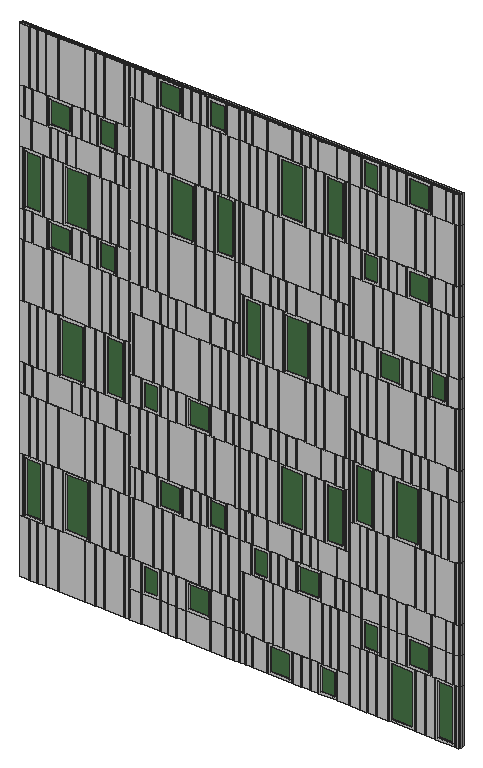
Revit family "SUR-CRV-021_FRANGIA_RFA", category Modelos genéricos, Revit 2022 (continued)
Definition of nested family "SUR-CRV-021_C_RFA"
  Forms (in)
    Extrusion 3, solid, not visible
      sketch origin (0, 0, 0) x (1, 0, 0) y (0, 1, 0)
        loop
          line (18.75515, -0.94488) -> (18.87326, -1.06299) -> (22.88782, -1.06299) -> (23.00593, -0.94488) -> (18.75515, -0.94488)
        loop
          line (23.16341, -0.94488) -> (23.28152, -1.06299) -> (23.80315, -1.06299) -> (23.92126, -0.94488) -> (23.16341, -0.94488)
      from 0 to 12
    Extrusion 4, solid, not visible
      sketch origin (0, 0, 0) x (1, 0, 0) y (0, 1, 0)
        loop
          line (0, -0.47244) -> (24, -0.47244) -> (24, 0) -> (0, 0) -> (0, -0.47244)
      from 0 to 6
    Extrusion 5, solid, not visible
      sketch origin (0, -0.47244, 0) x (1, 0, 0) y (0, 1, 0)
        loop
          line (0, 0) -> (0, -0.3937) -> (0.07874, -0.47244) -> (1.21337, -0.47244) -> (1.29211, -0.3937) -> (1.37085, -0.47244) -> (2.8643, -0.47244) -> (2.94304, -0.3937) -> (3.02178, -0.47244) -> (6.09092, -0.47244) -> (6.16966, -0.3937) -> (6.2484, -0.47244) -> (11.49201, -0.47244) -> (11.57075, -0.3937) -> (11.64949, -0.47244) -> (13.52618, -0.47244) -> (13.60492, -0.3937) -> (13.68366, -0.47244) -> (15.42007, -0.47244) -> (15.49881, -0.3937) -> (15.57755, -0.47244) -> (17.10352, -0.47244) -> (17.18226, -0.3937) -> (17.261, -0.47244) -> (21.24201, -0.47244) -> (21.32075, -0.3937) -> (21.39949, -0.47244) -> (23.92126, -0.47244) -> (24, -0.3937) -> (24, 0) -> (0, 0)
      from 0 to 6
    Extrusion 6, solid, not visible
      sketch origin (0, 0, 0) x (1, 0, 0) y (0, 1, 0)
        loop
          line (0.07874, -0.94488) -> (0.19685, -1.06299) -> (1.09526, -1.06299) -> (1.21337, -0.94488) -> (0.07874, -0.94488)
        loop
          line (1.37085, -0.94488) -> (1.48896, -1.06299) -> (2.74619, -1.06299) -> (2.8643, -0.94488) -> (1.37085, -0.94488)
        loop
          line (3.02178, -0.94488) -> (3.13989, -1.06299) -> (5.97281, -1.06299) -> (6.09092, -0.94488) -> (3.02178, -0.94488)
        loop
          line (6.2484, -0.94488) -> (6.36651, -1.06299) -> (11.3739, -1.06299) -> (11.49201, -0.94488) -> (6.2484, -0.94488)
        loop
          line (11.64949, -0.94488) -> (11.7676, -1.06299) -> (13.40807, -1.06299) -> (13.52618, -0.94488) -> (11.64949, -0.94488)
        loop
          line (13.68366, -0.94488) -> (13.80177, -1.06299) -> (15.30196, -1.06299) -> (15.42007, -0.94488) -> (13.68366, -0.94488)
        loop
          line (15.69566, -1.06299) -> (16.98541, -1.06299) -> (17.10352, -0.94488) -> (15.57755, -0.94488) -> (15.69566, -1.06299)
        loop
          line (17.261, -0.94488) -> (17.37911, -1.06299) -> (21.1239, -1.06299) -> (21.24201, -0.94488) -> (17.261, -0.94488)
        loop
          line (21.5176, -1.06299) -> (23.80315, -1.06299) -> (23.92126, -0.94488) -> (21.39949, -0.94488) -> (21.5176, -1.06299)
      from 0 to 6
    Extrusion 7, solid
      sketch origin (-0.19685, 0, 0) x (1, 0, 0) y (0, 1, 0)
        loop
          line (0, -0.47244) -> (24, -0.47244) -> (24, 0) -> (0, 0) -> (0, -0.47244)
      from 0 to 12
    Extrusion 8, solid
      sketch origin (-0.19685, -0.47244, 0) x (1, 0, 0) y (0, 1, 0)
        loop
          line (0, 0) -> (0, -0.3937) -> (0.07874, -0.47244) -> (2.25414, -0.47244) -> (2.33288, -0.3937) -> (2.41162, -0.47244) -> (3.93759, -0.47244) -> (4.01633, -0.3937) -> (4.09507, -0.47244) -> (5.83148, -0.47244) -> (5.91022, -0.3937) -> (5.98896, -0.47244) -> (8.49695, -0.47244) -> (8.57569, -0.3937) -> (8.65443, -0.47244) -> (14.31889, -0.47244) -> (14.39763, -0.3937) -> (14.47637, -0.47244) -> (16.5635, -0.47244) -> (16.64224, -0.3937) -> (16.72098, -0.47244) -> (18.59767, -0.47244) -> (18.67641, -0.3937) -> (18.75515, -0.47244) -> (23.00593, -0.47244) -> (23.08467, -0.3937) -> (23.16341, -0.47244) -> (23.92126, -0.47244) -> (24, -0.3937) -> (24, 0) -> (0, 0)
      from 0 to 12
    Extrusion 9, solid
      sketch origin (-0.19685, 0, 0) x (1, 0, 0) y (0, 1, 0)
        loop
          line (0.07874, -0.94488) -> (0.19685, -1.06299) -> (2.13603, -1.06299) -> (2.25414, -0.94488) -> (0.07874, -0.94488)
        loop
          line (2.41162, -0.94488) -> (2.52973, -1.06299) -> (3.81948, -1.06299) -> (3.93759, -0.94488) -> (2.41162, -0.94488)
        loop
          line (4.09507, -0.94488) -> (4.21318, -1.06299) -> (5.71337, -1.06299) -> (5.83148, -0.94488) -> (4.09507, -0.94488)
        loop
          line (5.98896, -0.94488) -> (6.10707, -1.06299) -> (8.37884, -1.06299) -> (8.49695, -0.94488) -> (5.98896, -0.94488)
        loop
          line (14.47637, -0.94488) -> (14.59448, -1.06299) -> (16.44539, -1.06299) -> (16.5635, -0.94488) -> (14.47637, -0.94488)
        loop
          line (16.72098, -0.94488) -> (16.83909, -1.06299) -> (18.47956, -1.06299) -> (18.59767, -0.94488) -> (16.72098, -0.94488)
        loop
          line (23.16341, -0.94488) -> (23.28152, -1.06299) -> (23.80315, -1.06299) -> (23.92126, -0.94488) -> (23.16341, -0.94488)
      from 0 to 12
    Extrusion 10, solid
      sketch origin (-0.19685, 0, 0) x (1, 0, 0) y (0, 1, 0)
        loop
          line (8.65443, -0.94488) -> (8.77254, -1.06299) -> (14.20078, -1.06299) -> (14.31889, -0.94488) -> (8.65443, -0.94488)
        loop
          line (18.75515, -0.94488) -> (18.87326, -1.06299) -> (22.88782, -1.06299) -> (23.00593, -0.94488) -> (18.75515, -0.94488)
      from 0 to 12
    Extrusion 11, void
      sketch origin (-0.19685, 0, 0) x (1, 0, 0) y (0, 0, 1)
        loop
          line (9.15443, 11.5) -> (9.15443, 0.5) -> (13.81889, 0.5) -> (13.81889, 11.5) -> (9.15443, 11.5)
        loop
          line (19.25515, 0.5) -> (22.50593, 0.5) -> (22.50593, 11.5) -> (19.25515, 11.5) -> (19.25515, 0.5)
      from 0.47244 to 1.06299
    Extrusion 12, solid
      sketch origin (-0.19685, 0, 0) x (1, 0, 0) y (0, 1, 0)
        loop
          line (9.15443, -0.47244) -> (9.15443, -0.94488) -> (13.81889, -0.94488) -> (13.81889, -0.47244) -> (9.15443, -0.47244)
        loop
          line (19.25515, -0.47244) -> (19.25515, -0.94488) -> (22.50593, -0.94488) -> (22.50593, -0.47244) -> (19.25515, -0.47244)
      from 0.5 to 11.5
    Extrusion 13, solid, not visible
      sketch origin (0, 0, 0) x (1, 0, 0) y (0, 1, 0)
        loop
          line (0, -0.47244) -> (24, -0.47244) -> (24, 0) -> (0, 0) -> (0, -0.47244)
      from 0 to 12
    Extrusion 14, solid, not visible
      sketch origin (0, -0.47244, 0) x (1, 0, 0) y (0, 1, 0)
        loop
          line (0, 0) -> (0, -0.3937) -> (0.07874, -0.47244) -> (2.25414, -0.47244) -> (2.33288, -0.3937) -> (2.41162, -0.47244) -> (3.93759, -0.47244) -> (4.01633, -0.3937) -> (4.09507, -0.47244) -> (5.83148, -0.47244) -> (5.91022, -0.3937) -> (5.98896, -0.47244) -> (8.49695, -0.47244) -> (8.57569, -0.3937) -> (8.65443, -0.47244) -> (14.31889, -0.47244) -> (14.39763, -0.3937) -> (14.47637, -0.47244) -> (16.5635, -0.47244) -> (16.64224, -0.3937) -> (16.72098, -0.47244) -> (18.59767, -0.47244) -> (18.67641, -0.3937) -> (18.75515, -0.47244) -> (23.00593, -0.47244) -> (23.08467, -0.3937) -> (23.16341, -0.47244) -> (23.92126, -0.47244) -> (24, -0.3937) -> (24, 0) -> (0, 0)
      from 0 to 12
    Extrusion 15, solid, not visible
      sketch origin (0, 0, 0) x (1, 0, 0) y (0, 1, 0)
        loop
          line (0.07874, -0.94488) -> (0.19685, -1.06299) -> (2.13603, -1.06299) -> (2.25414, -0.94488) -> (0.07874, -0.94488)
        loop
          line (2.41162, -0.94488) -> (2.52973, -1.06299) -> (3.81948, -1.06299) -> (3.93759, -0.94488) -> (2.41162, -0.94488)
        loop
          line (4.09507, -0.94488) -> (4.21318, -1.06299) -> (5.71337, -1.06299) -> (5.83148, -0.94488) -> (4.09507, -0.94488)
        loop
          line (5.98896, -0.94488) -> (6.10707, -1.06299) -> (8.37884, -1.06299) -> (8.49695, -0.94488) -> (5.98896, -0.94488)
        loop
          line (14.47637, -0.94488) -> (14.59448, -1.06299) -> (16.44539, -1.06299) -> (16.5635, -0.94488) -> (14.47637, -0.94488)
        loop
          line (16.72098, -0.94488) -> (16.83909, -1.06299) -> (18.47956, -1.06299) -> (18.59767, -0.94488) -> (16.72098, -0.94488)
        loop
          line (23.16341, -0.94488) -> (23.28152, -1.06299) -> (23.80315, -1.06299) -> (23.92126, -0.94488) -> (23.16341, -0.94488)
      from 0 to 12
    Extrusion 16, solid, not visible
      sketch origin (0, 0, 0) x (1, 0, 0) y (0, 1, 0)
        loop
          line (8.65443, -0.94488) -> (8.77254, -1.06299) -> (14.20078, -1.06299) -> (14.31889, -0.94488) -> (8.65443, -0.94488)
        loop
          line (18.75515, -0.94488) -> (18.87326, -1.06299) -> (22.88782, -1.06299) -> (23.00593, -0.94488) -> (18.75515, -0.94488)
      from 0 to 12
    Extrusion 17, void, not visible
      sketch origin (0, 0, 0) x (1, 0, 0) y (0, 0, 1)
        loop
          line (9.15443, 11.5) -> (9.15443, 0.5) -> (13.81889, 0.5) -> (13.81889, 11.5) -> (9.15443, 11.5)
        loop
          line (19.25515, 0.5) -> (22.50593, 0.5) -> (22.50593, 11.5) -> (19.25515, 11.5) -> (19.25515, 0.5)
      from 0.47244 to 1.06299
    Extrusion 18, solid, not visible
      sketch origin (0, 0, 0) x (1, 0, 0) y (0, 1, 0)
        loop
          line (9.15443, -0.47244) -> (9.15443, -0.94488) -> (13.81889, -0.94488) -> (13.81889, -0.47244) -> (9.15443, -0.47244)
        loop
          line (19.25515, -0.47244) -> (19.25515, -0.94488) -> (22.50593, -0.94488) -> (22.50593, -0.47244) -> (19.25515, -0.47244)
      from 0.5 to 11.5
    Extrusion 19, solid, not visible
      sketch origin (0, 0, 0) x (1, 0, 0) y (0, 1, 0)
        loop
          line (0, -0.47244) -> (24, -0.47244) -> (24, 0) -> (0, 0) -> (0, -0.47244)
      from 0 to 6
    Extrusion 20, solid, not visible
      sketch origin (0, -0.47244, 0) x (1, 0, 0) y (0, 1, 0)
        loop
          line (0, 0) -> (0, -0.3937) -> (0.07874, -0.47244) -> (1.21337, -0.47244) -> (1.29211, -0.3937) -> (1.37085, -0.47244) -> (2.8643, -0.47244) -> (2.94304, -0.3937) -> (3.02178, -0.47244) -> (6.09092, -0.47244) -> (6.16966, -0.3937) -> (6.2484, -0.47244) -> (11.49201, -0.47244) -> (11.57075, -0.3937) -> (11.64949, -0.47244) -> (13.52618, -0.47244) -> (13.60492, -0.3937) -> (13.68366, -0.47244) -> (15.42007, -0.47244) -> (15.49881, -0.3937) -> (15.57755, -0.47244) -> (17.10352, -0.47244) -> (17.18226, -0.3937) -> (17.261, -0.47244) -> (21.24201, -0.47244) -> (21.32075, -0.3937) -> (21.39949, -0.47244) -> (23.92126, -0.47244) -> (24, -0.3937) -> (24, 0) -> (0, 0)
      from 0 to 6
    Extrusion 21, solid, not visible
      sketch origin (0, 0, 0) x (1, 0, 0) y (0, 1, 0)
        loop
          line (0.07874, -0.94488) -> (0.19685, -1.06299) -> (1.09526, -1.06299) -> (1.21337, -0.94488) -> (0.07874, -0.94488)
        loop
          line (1.37085, -0.94488) -> (1.48896, -1.06299) -> (2.74619, -1.06299) -> (2.8643, -0.94488) -> (1.37085, -0.94488)
        loop
          line (3.02178, -0.94488) -> (3.13989, -1.06299) -> (5.97281, -1.06299) -> (6.09092, -0.94488) -> (3.02178, -0.94488)
        loop
          line (11.64949, -0.94488) -> (11.7676, -1.06299) -> (13.40807, -1.06299) -> (13.52618, -0.94488) -> (11.64949, -0.94488)
        loop
          line (13.68366, -0.94488) -> (13.80177, -1.06299) -> (15.30196, -1.06299) -> (15.42007, -0.94488) -> (13.68366, -0.94488)
        loop
          line (15.69566, -1.06299) -> (16.98541, -1.06299) -> (17.10352, -0.94488) -> (15.57755, -0.94488) -> (15.69566, -1.06299)
        loop
          line (21.5176, -1.06299) -> (23.80315, -1.06299) -> (23.92126, -0.94488) -> (21.39949, -0.94488) -> (21.5176, -1.06299)
      from 0 to 6
    Extrusion 22, solid, not visible
      sketch origin (0, 0, 0) x (1, 0, 0) y (0, 1, 0)
        loop
          line (6.36651, -1.06299) -> (11.3739, -1.06299) -> (11.49201, -0.94488) -> (6.2484, -0.94488) -> (6.36651, -1.06299)
        loop
          line (17.37911, -1.06299) -> (21.1239, -1.06299) -> (21.24201, -0.94488) -> (17.261, -0.94488) -> (17.37911, -1.06299)
      from 0 to 6
    Extrusion 23, void, not visible
      sketch origin (0, 0, 0) x (1, 0, 0) y (0, 0, 1)
        loop
          line (6.7484, 5.5) -> (6.7484, 0.5) -> (10.99201, 0.5) -> (10.99201, 5.5) -> (6.7484, 5.5)
        loop
          line (17.761, 5.5) -> (17.761, 0.5) -> (20.74201, 0.5) -> (20.74201, 5.5) -> (17.761, 5.5)
      from 0.47244 to 1.06299
    Extrusion 24, solid, not visible
      sketch origin (0, 0, 0) x (1, 0, 0) y (0, 1, 0)
        loop
          line (6.7484, -0.47244) -> (6.7484, -0.94488) -> (10.99201, -0.94488) -> (10.99201, -0.47244) -> (6.7484, -0.47244)
        loop
          line (17.761, -0.47244) -> (17.761, -0.94488) -> (20.74201, -0.94488) -> (20.74201, -0.47244) -> (17.761, -0.47244)
      from 0.5 to 5.5
  Cuts and joins
    Extrusion 11 cuts Extrusion 7
    Extrusion 11 cuts Extrusion 8
    Extrusion 11 cuts Extrusion 10
  Dimensions and locks (in)
    aligned and locked: level to plane 2
Definition of nested family "SUR-CRV-021_D_RFA"
  Parameters (values of type "SUR-CRV-021_D_RFA")
    Default Elevation = 0.00"
  Reference planes (in)
    plane 1 "Centro (Frontal/Posterior)": y = 0
    plane 2: z = 0
    plane 3 "Centro (Izquierda/Derecha)": x = 0
  Forms (in)
    Extrusion 1, solid, not visible
      sketch origin (0, 0, 0) x (1, 0, 0) y (0, 1, 0)
        loop
          line (0, -0.47244) -> (24, -0.47244) -> (24, 0) -> (0, 0) -> (0, -0.47244)
      from 0 to 12
    Extrusion 2, solid, not visible
      sketch origin (0, -0.47244, 0) x (1, 0, 0) y (0, 1, 0)
        loop
          line (0, 0) -> (0, -0.3937) -> (0.07874, -0.47244) -> (2.25414, -0.47244) -> (2.33288, -0.3937) -> (2.41162, -0.47244) -> (3.93759, -0.47244) -> (4.01633, -0.3937) -> (4.09507, -0.47244) -> (5.83148, -0.47244) -> (5.91022, -0.3937) -> (5.98896, -0.47244) -> (8.49695, -0.47244) -> (8.57569, -0.3937) -> (8.65443, -0.47244) -> (14.31889, -0.47244) -> (14.39763, -0.3937) -> (14.47637, -0.47244) -> (16.5635, -0.47244) -> (16.64224, -0.3937) -> (16.72098, -0.47244) -> (18.59767, -0.47244) -> (18.67641, -0.3937) -> (18.75515, -0.47244) -> (23.00593, -0.47244) -> (23.08467, -0.3937) -> (23.16341, -0.47244) -> (23.92126, -0.47244) -> (24, -0.3937) -> (24, 0) -> (0, 0)
      from 0 to 12
    Extrusion 3, solid, not visible
      sketch origin (0, 0, 0) x (1, 0, 0) y (0, 1, 0)
        loop
          line (0.07874, -0.94488) -> (0.19685, -1.06299) -> (2.13603, -1.06299) -> (2.25414, -0.94488) -> (0.07874, -0.94488)
        loop
          line (2.41162, -0.94488) -> (2.52973, -1.06299) -> (3.81948, -1.06299) -> (3.93759, -0.94488) -> (2.41162, -0.94488)
        loop
          line (4.09507, -0.94488) -> (4.21318, -1.06299) -> (5.71337, -1.06299) -> (5.83148, -0.94488) -> (4.09507, -0.94488)
        loop
          line (5.98896, -0.94488) -> (6.10707, -1.06299) -> (8.37884, -1.06299) -> (8.49695, -0.94488) -> (5.98896, -0.94488)
        loop
          line (8.65443, -0.94488) -> (8.77254, -1.06299) -> (14.20078, -1.06299) -> (14.31889, -0.94488) -> (8.65443, -0.94488)
        loop
          line (14.47637, -0.94488) -> (14.59448, -1.06299) -> (16.44539, -1.06299) -> (16.5635, -0.94488) -> (14.47637, -0.94488)
        loop
          line (16.72098, -0.94488) -> (16.83909, -1.06299) -> (18.47956, -1.06299) -> (18.59767, -0.94488) -> (16.72098, -0.94488)
        loop
          line (18.75515, -0.94488) -> (18.87326, -1.06299) -> (22.88782, -1.06299) -> (23.00593, -0.94488) -> (18.75515, -0.94488)
        loop
          line (23.16341, -0.94488) -> (23.28152, -1.06299) -> (23.80315, -1.06299) -> (23.92126, -0.94488) -> (23.16341, -0.94488)
      from 0 to 12
    Extrusion 4, solid, not visible
      sketch origin (0, 0, 0) x (1, 0, 0) y (0, 1, 0)
        loop
          line (0, -0.47244) -> (24, -0.47244) -> (24, 0) -> (0, 0) -> (0, -0.47244)
      from 0 to 6
    Extrusion 5, solid, not visible
      sketch origin (0, -0.47244, 0) x (1, 0, 0) y (0, 1, 0)
        loop
          line (0, 0) -> (0, -0.3937) -> (0.07874, -0.47244) -> (1.21337, -0.47244) -> (1.29211, -0.3937) -> (1.37085, -0.47244) -> (2.8643, -0.47244) -> (2.94304, -0.3937) -> (3.02178, -0.47244) -> (6.09092, -0.47244) -> (6.16966, -0.3937) -> (6.2484, -0.47244) -> (11.49201, -0.47244) -> (11.57075, -0.3937) -> (11.64949, -0.47244) -> (13.52618, -0.47244) -> (13.60492, -0.3937) -> (13.68366, -0.47244) -> (15.42007, -0.47244) -> (15.49881, -0.3937) -> (15.57755, -0.47244) -> (17.10352, -0.47244) -> (17.18226, -0.3937) -> (17.261, -0.47244) -> (21.24201, -0.47244) -> (21.32075, -0.3937) -> (21.39949, -0.47244) -> (23.92126, -0.47244) -> (24, -0.3937) -> (24, 0) -> (0, 0)
      from 0 to 6
    Extrusion 6, solid, not visible
      sketch origin (0, 0, 0) x (1, 0, 0) y (0, 1, 0)
        loop
          line (0.07874, -0.94488) -> (0.19685, -1.06299) -> (1.09526, -1.06299) -> (1.21337, -0.94488) -> (0.07874, -0.94488)
        loop
          line (1.37085, -0.94488) -> (1.48896, -1.06299) -> (2.74619, -1.06299) -> (2.8643, -0.94488) -> (1.37085, -0.94488)
        loop
          line (3.02178, -0.94488) -> (3.13989, -1.06299) -> (5.97281, -1.06299) -> (6.09092, -0.94488) -> (3.02178, -0.94488)
        loop
          line (6.2484, -0.94488) -> (6.36651, -1.06299) -> (11.3739, -1.06299) -> (11.49201, -0.94488) -> (6.2484, -0.94488)
        loop
          line (11.64949, -0.94488) -> (11.7676, -1.06299) -> (13.40807, -1.06299) -> (13.52618, -0.94488) -> (11.64949, -0.94488)
        loop
          line (13.68366, -0.94488) -> (13.80177, -1.06299) -> (15.30196, -1.06299) -> (15.42007, -0.94488) -> (13.68366, -0.94488)
        loop
          line (15.69566, -1.06299) -> (16.98541, -1.06299) -> (17.10352, -0.94488) -> (15.57755, -0.94488) -> (15.69566, -1.06299)
        loop
          line (17.261, -0.94488) -> (17.37911, -1.06299) -> (21.1239, -1.06299) -> (21.24201, -0.94488) -> (17.261, -0.94488)
        loop
          line (21.5176, -1.06299) -> (23.80315, -1.06299) -> (23.92126, -0.94488) -> (21.39949, -0.94488) -> (21.5176, -1.06299)
      from 0 to 6
    Extrusion 7, solid, not visible
      sketch origin (0, 0, 0) x (1, 0, 0) y (0, 1, 0)
        loop
          line (0, -0.47244) -> (24, -0.47244) -> (24, 0) -> (0, 0) -> (0, -0.47244)
      from 0 to 12
    Extrusion 8, solid, not visible
      sketch origin (0, -0.47244, 0) x (1, 0, 0) y (0, 1, 0)
        loop
          line (0, 0) -> (0, -0.3937) -> (0.07874, -0.47244) -> (2.25414, -0.47244) -> (2.33288, -0.3937) -> (2.41162, -0.47244) -> (3.93759, -0.47244) -> (4.01633, -0.3937) -> (4.09507, -0.47244) -> (5.83148, -0.47244) -> (5.91022, -0.3937) -> (5.98896, -0.47244) -> (8.49695, -0.47244) -> (8.57569, -0.3937) -> (8.65443, -0.47244) -> (14.31889, -0.47244) -> (14.39763, -0.3937) -> (14.47637, -0.47244) -> (16.5635, -0.47244) -> (16.64224, -0.3937) -> (16.72098, -0.47244) -> (18.59767, -0.47244) -> (18.67641, -0.3937) -> (18.75515, -0.47244) -> (23.00593, -0.47244) -> (23.08467, -0.3937) -> (23.16341, -0.47244) -> (23.92126, -0.47244) -> (24, -0.3937) -> (24, 0) -> (0, 0)
      from 0 to 12
    Extrusion 9, solid, not visible
      sketch origin (0, 0, 0) x (1, 0, 0) y (0, 1, 0)
        loop
          line (0.07874, -0.94488) -> (0.19685, -1.06299) -> (2.13603, -1.06299) -> (2.25414, -0.94488) -> (0.07874, -0.94488)
        loop
          line (2.41162, -0.94488) -> (2.52973, -1.06299) -> (3.81948, -1.06299) -> (3.93759, -0.94488) -> (2.41162, -0.94488)
        loop
          line (4.09507, -0.94488) -> (4.21318, -1.06299) -> (5.71337, -1.06299) -> (5.83148, -0.94488) -> (4.09507, -0.94488)
        loop
          line (5.98896, -0.94488) -> (6.10707, -1.06299) -> (8.37884, -1.06299) -> (8.49695, -0.94488) -> (5.98896, -0.94488)
        loop
          line (14.47637, -0.94488) -> (14.59448, -1.06299) -> (16.44539, -1.06299) -> (16.5635, -0.94488) -> (14.47637, -0.94488)
        loop
          line (16.72098, -0.94488) -> (16.83909, -1.06299) -> (18.47956, -1.06299) -> (18.59767, -0.94488) -> (16.72098, -0.94488)
        loop
          line (23.16341, -0.94488) -> (23.28152, -1.06299) -> (23.80315, -1.06299) -> (23.92126, -0.94488) -> (23.16341, -0.94488)
      from 0 to 12
    Extrusion 10, solid, not visible
      sketch origin (0, 0, 0) x (1, 0, 0) y (0, 1, 0)
        loop
          line (8.65443, -0.94488) -> (8.77254, -1.06299) -> (14.20078, -1.06299) -> (14.31889, -0.94488) -> (8.65443, -0.94488)
        loop
          line (18.75515, -0.94488) -> (18.87326, -1.06299) -> (22.88782, -1.06299) -> (23.00593, -0.94488) -> (18.75515, -0.94488)
      from 0 to 12
    Extrusion 11, void, not visible
      sketch origin (0, 0, 0) x (1, 0, 0) y (0, 0, 1)
        loop
          line (9.15443, 11.5) -> (9.15443, 0.5) -> (13.81889, 0.5) -> (13.81889, 11.5) -> (9.15443, 11.5)
        loop
          line (19.25515, 0.5) -> (22.50593, 0.5) -> (22.50593, 11.5) -> (19.25515, 11.5) -> (19.25515, 0.5)
      from 0.47244 to 1.06299
    Extrusion 12, solid, not visible
      sketch origin (0, 0, 0) x (1, 0, 0) y (0, 1, 0)
        loop
          line (9.15443, -0.47244) -> (9.15443, -0.94488) -> (13.81889, -0.94488) -> (13.81889, -0.47244) -> (9.15443, -0.47244)
        loop
          line (19.25515, -0.47244) -> (19.25515, -0.94488) -> (22.50593, -0.94488) -> (22.50593, -0.47244) -> (19.25515, -0.47244)
      from 0.5 to 11.5
    Extrusion 13, solid
      sketch origin (0, 0, 0) x (1, 0, 0) y (0, 1, 0)
        loop
          line (0, -0.47244) -> (24, -0.47244) -> (24, 0) -> (0, 0) -> (0, -0.47244)
      from 0 to 6
    Extrusion 14, solid
      sketch origin (0, -0.47244, 0) x (1, 0, 0) y (0, 1, 0)
        loop
          line (0, 0) -> (0, -0.3937) -> (0.07874, -0.47244) -> (1.21337, -0.47244) -> (1.29211, -0.3937) -> (1.37085, -0.47244) -> (2.8643, -0.47244) -> (2.94304, -0.3937) -> (3.02178, -0.47244) -> (6.09092, -0.47244) -> (6.16966, -0.3937) -> (6.2484, -0.47244) -> (11.49201, -0.47244) -> (11.57075, -0.3937) -> (11.64949, -0.47244) -> (13.52618, -0.47244) -> (13.60492, -0.3937) -> (13.68366, -0.47244) -> (15.42007, -0.47244) -> (15.49881, -0.3937) -> (15.57755, -0.47244) -> (17.10352, -0.47244) -> (17.18226, -0.3937) -> (17.261, -0.47244) -> (21.24201, -0.47244) -> (21.32075, -0.3937) -> (21.39949, -0.47244) -> (23.92126, -0.47244) -> (24, -0.3937) -> (24, 0) -> (0, 0)
      from 0 to 6
    Extrusion 15, solid
      sketch origin (0, 0, 0) x (1, 0, 0) y (0, 1, 0)
        loop
          line (0.07874, -0.94488) -> (0.19685, -1.06299) -> (1.09526, -1.06299) -> (1.21337, -0.94488) -> (0.07874, -0.94488)
        loop
          line (1.37085, -0.94488) -> (1.48896, -1.06299) -> (2.74619, -1.06299) -> (2.8643, -0.94488) -> (1.37085, -0.94488)
        loop
          line (3.02178, -0.94488) -> (3.13989, -1.06299) -> (5.97281, -1.06299) -> (6.09092, -0.94488) -> (3.02178, -0.94488)
        loop
          line (11.64949, -0.94488) -> (11.7676, -1.06299) -> (13.40807, -1.06299) -> (13.52618, -0.94488) -> (11.64949, -0.94488)
        loop
          line (13.68366, -0.94488) -> (13.80177, -1.06299) -> (15.30196, -1.06299) -> (15.42007, -0.94488) -> (13.68366, -0.94488)
        loop
          line (15.69566, -1.06299) -> (16.98541, -1.06299) -> (17.10352, -0.94488) -> (15.57755, -0.94488) -> (15.69566, -1.06299)
        loop
          line (21.5176, -1.06299) -> (23.80315, -1.06299) -> (23.92126, -0.94488) -> (21.39949, -0.94488) -> (21.5176, -1.06299)
      from 0 to 6
    Extrusion 16, solid
      sketch origin (0, 0, 0) x (1, 0, 0) y (0, 1, 0)
        loop
          line (6.36651, -1.06299) -> (11.3739, -1.06299) -> (11.49201, -0.94488) -> (6.2484, -0.94488) -> (6.36651, -1.06299)
        loop
          line (17.37911, -1.06299) -> (21.1239, -1.06299) -> (21.24201, -0.94488) -> (17.261, -0.94488) -> (17.37911, -1.06299)
      from 0 to 6
    Extrusion 17, void
      sketch origin (0, 0, 0) x (1, 0, 0) y (0, 0, 1)
        loop
          line (6.7484, 5.5) -> (6.7484, 0.5) -> (10.99201, 0.5) -> (10.99201, 5.5) -> (6.7484, 5.5)
        loop
          line (17.761, 5.5) -> (17.761, 0.5) -> (20.74201, 0.5) -> (20.74201, 5.5) -> (17.761, 5.5)
      from 0.47244 to 1.06299
    Extrusion 18, solid
      sketch origin (0, 0, 0) x (1, 0, 0) y (0, 1, 0)
        loop
          line (6.7484, -0.47244) -> (6.7484, -0.94488) -> (10.99201, -0.94488) -> (10.99201, -0.47244) -> (6.7484, -0.47244)
        loop
          line (17.761, -0.47244) -> (17.761, -0.94488) -> (20.74201, -0.94488) -> (20.74201, -0.47244) -> (17.761, -0.47244)
      from 0.5 to 5.5
    Extrusion 19, solid, not visible
      sketch origin (0, 0, 0) x (1, 0, 0) y (0, 1, 0)
        loop
          line (0, -0.47244) -> (24, -0.47244) -> (24, 0) -> (0, 0) -> (0, -0.47244)
      from 0 to 6
    Extrusion 20, solid, not visible
      sketch origin (0, -0.47244, 0) x (1, 0, 0) y (0, 1, 0)
        loop
          line (0, 0) -> (0, -0.3937) -> (0.07874, -0.47244) -> (1.21337, -0.47244) -> (1.29211, -0.3937) -> (1.37085, -0.47244) -> (2.8643, -0.47244) -> (2.94304, -0.3937) -> (3.02178, -0.47244) -> (6.09092, -0.47244) -> (6.16966, -0.3937) -> (6.2484, -0.47244) -> (11.49201, -0.47244) -> (11.57075, -0.3937) -> (11.64949, -0.47244) -> (13.52618, -0.47244) -> (13.60492, -0.3937) -> (13.68366, -0.47244) -> (15.42007, -0.47244) -> (15.49881, -0.3937) -> (15.57755, -0.47244) -> (17.10352, -0.47244) -> (17.18226, -0.3937) -> (17.261, -0.47244) -> (21.24201, -0.47244) -> (21.32075, -0.3937) -> (21.39949, -0.47244) -> (23.92126, -0.47244) -> (24, -0.3937) -> (24, 0) -> (0, 0)
      from 0 to 6
    Extrusion 21, solid, not visible
      sketch origin (0, 0, 0) x (1, 0, 0) y (0, 1, 0)
        loop
          line (0.07874, -0.94488) -> (0.19685, -1.06299) -> (1.09526, -1.06299) -> (1.21337, -0.94488) -> (0.07874, -0.94488)
        loop
          line (1.37085, -0.94488) -> (1.48896, -1.06299) -> (2.74619, -1.06299) -> (2.8643, -0.94488) -> (1.37085, -0.94488)
        loop
          line (3.02178, -0.94488) -> (3.13989, -1.06299) -> (5.97281, -1.06299) -> (6.09092, -0.94488) -> (3.02178, -0.94488)
        loop
          line (11.64949, -0.94488) -> (11.7676, -1.06299) -> (13.40807, -1.06299) -> (13.52618, -0.94488) -> (11.64949, -0.94488)
        loop
          line (13.68366, -0.94488) -> (13.80177, -1.06299) -> (15.30196, -1.06299) -> (15.42007, -0.94488) -> (13.68366, -0.94488)
        loop
          line (15.69566, -1.06299) -> (16.98541, -1.06299) -> (17.10352, -0.94488) -> (15.57755, -0.94488) -> (15.69566, -1.06299)
        loop
          line (21.5176, -1.06299) -> (23.80315, -1.06299) -> (23.92126, -0.94488) -> (21.39949, -0.94488) -> (21.5176, -1.06299)
      from 0 to 6
    Extrusion 22, solid, not visible
      sketch origin (0, 0, 0) x (1, 0, 0) y (0, 1, 0)
        loop
          line (6.36651, -1.06299) -> (11.3739, -1.06299) -> (11.49201, -0.94488) -> (6.2484, -0.94488) -> (6.36651, -1.06299)
        loop
          line (17.37911, -1.06299) -> (21.1239, -1.06299) -> (21.24201, -0.94488) -> (17.261, -0.94488) -> (17.37911, -1.06299)
      from 0 to 6
    Extrusion 23, void, not visible
      sketch origin (0, 0, 0) x (1, 0, 0) y (0, 0, 1)
        loop
          line (6.7484, 5.5) -> (6.7484, 0.5) -> (10.99201, 0.5) -> (10.99201, 5.5) -> (6.7484, 5.5)
        loop
          line (17.761, 5.5) -> (17.761, 0.5) -> (20.74201, 0.5) -> (20.74201, 5.5) -> (17.761, 5.5)
      from 0.47244 to 1.06299
    Extrusion 24, solid, not visible
      sketch origin (0, 0, 0) x (1, 0, 0) y (0, 1, 0)
        loop
          line (6.7484, -0.47244) -> (6.7484, -0.94488) -> (10.99201, -0.94488) -> (10.99201, -0.47244) -> (6.7484, -0.47244)
        loop
          line (17.761, -0.47244) -> (17.761, -0.94488) -> (20.74201, -0.94488) -> (20.74201, -0.47244) -> (17.761, -0.47244)
      from 0.5 to 5.5
  Cuts and joins
    Extrusion 17 cuts Extrusion 13
    Extrusion 17 cuts Extrusion 14
    Extrusion 17 cuts Extrusion 16
  Dimensions and locks (in)
    aligned and locked: level to plane 2
